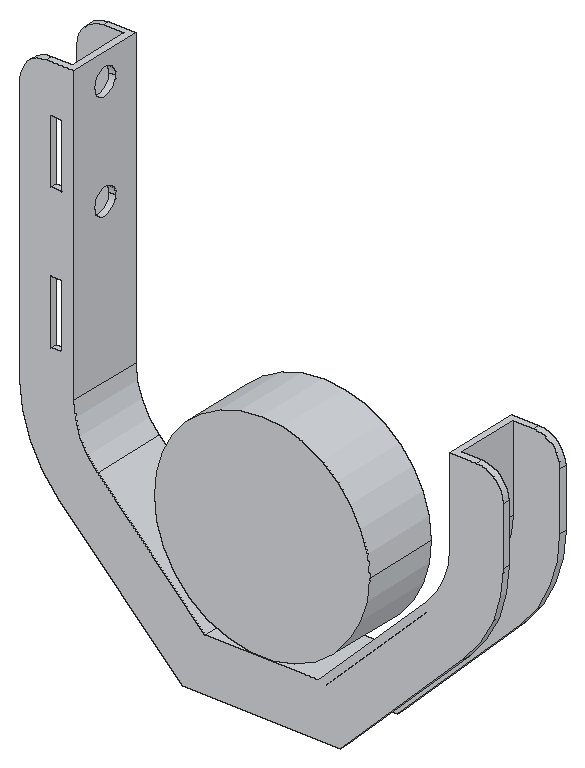
Revit family
Parameters
  URL = "www.siouxchief.com"
  Model = "521-723B"
  Manufacturer = "Sioux Chief Manufacturing"
  Keynote = "Commercial Chase Bracket"
  Description = "2\" Bracket"
Reference planes (in)
  plane 1 "Center (Front/Back)": y = 0
  plane 2: z = 0
  plane 3 "Center (Left/Right)": x = 0
Forms (in)
  Sweep 1, solid
    path origin (-1.74985, -0.00531, -17.375) x (0, 0, 1) y (-1, 0, 0)
      loop
        line (25.11806, 0) -> (22.36816, 0)
        arc (22.36816, 0) -> (22.08111, -0.0571) -> (21.83776, -0.2197) r 0.7501
        line (21.83776, -0.2197) -> (20.83796, -1.2195) -> (20.83796, -2.2802) -> (21.83776, -3.28)
        arc (21.83776, -3.28) -> (22.08111, -3.4426) -> (22.36816, -3.4997) r 0.7501
        line (22.36816, -3.4997) -> (23.15716, -3.4997)
    profile origin (-1.74985, -0.00531, 6.36811) x (0, -1, 0) y (1, 0, 0)
      loop
        line (-0.359, 0) -> (-0.359, -0.5) -> (-0.299, -0.5) -> (-0.299, -0.06) -> (0.299, -0.06) -> (0.299, -0.5) -> (0.359, -0.5) -> (0.359, 0) -> (-0.359, 0)
  Extrusion 2, void
    sketch origin (2.29588, -0.75, -1.9609) x (0, 0, 1) y (-1, 0, 0)
      loop
        line (7.74306, 0.04603) -> (7.74306, 0.29603)
        arc (7.74306, 0.29603) -> (7.66983, 0.11925) -> (7.49306, 0.04603) r 0.25
        line (7.49306, 0.04603) -> (7.74306, 0.04603)
    from -1.22856 to -0.23725
  Extrusion 3, void
    sketch origin (-2.29588, -0.75, 0) x (0, 0, 1) y (-1, 0, 0)
      loop
        line (7.74306, -0.04603) -> (7.49306, -0.04603)
        arc (7.49306, -0.04603) -> (7.66983, -0.11925) -> (7.74306, -0.29603) r 0.25
        line (7.74306, -0.29603) -> (7.74306, -0.04603)
    from -1.22856 to -0.23725
  Extrusion 4, void
    sketch origin (-2.34405, -0.75, 0.05) x (0, 0, 1) y (-1, 0, 0)
      loop
        line (7.24348, -0.47897) -> (7.24348, -0.37807) -> (6.64348, -0.37807) -> (6.64348, -0.47897) -> (7.24348, -0.47897)
    from -1.10369 to -0.38569
  Extrusion 5, void
    sketch origin (-2.34405, -0.75, -1.288) x (0, 0, 1) y (-1, 0, 0)
      loop
        line (7.24348, -0.47897) -> (7.24348, -0.37807) -> (6.64348, -0.37807) -> (6.64348, -0.47897) -> (7.24348, -0.47897)
    from -1.10369 to -0.38569
  Extrusion 6, void
    sketch origin (-2.29505, 0, 0) x (0, 1, 0) y (0, 0, 1)
      loop
        circle (-0.00531, 7.49306) r 0.125
    from 0.4852 to 0.5452
  Extrusion 7, void
    sketch origin (-2.29505, 0, -1) x (0, 1, 0) y (0, 0, 1)
      loop
        circle (-0.00531, 7.49306) r 0.125
    from 0.4852 to 0.5452
  Extrusion 8, solid
    sketch origin (0, -0.75, 0.61719) x (0, 0, 1) y (-1, 0, 0)
      loop
        circle (3.85184, 0) r 1
    from -1.10369 to -0.38569
Cuts and joins
  Extrusion 2, Extrusion 3, Extrusion 4, Extrusion 5, Extrusion 6, Extrusion 7 cuts Sweep 1
Dimensions and locks (in)
  aligned and locked: plane 2 to level
  aligned and locked: cut or joined group of Sweep 1, Extrusion 2, Extrusion 3, Extrusion 4, Extrusion 5, Extrusion 6, Extrusion 7 to Extrusion 8  (x2)
Connectors (in)
  piping at (0, 0.35369, 4.46902)
    settings: on Extrusion 8, index 1, connector radius 1", flow factor 0, pipe flow 0 GPM, pressure drop 0.00 psi, fitting loss kfactor 0, connector angle 0.00°, fixture units 0, flow configuration 0, flow direction 0, fitting loss method 0, system type 22, connector reference index -1, connector utility 0, adjustable connector no, is connector primary yes, fitting loss table "", connector description ""
  piping at (0, -0.36431, 4.46902)
    settings: on Extrusion 8, index 2, connector radius 1", flow factor 0, pipe flow 0 GPM, pressure drop 0.00 psi, fitting loss kfactor 0, connector angle 0.00°, fixture units 0, flow configuration 0, flow direction 0, fitting loss method 0, system type 22, connector reference index -1, connector utility 0, adjustable connector no, is connector primary no, fitting loss table "", connector description ""
